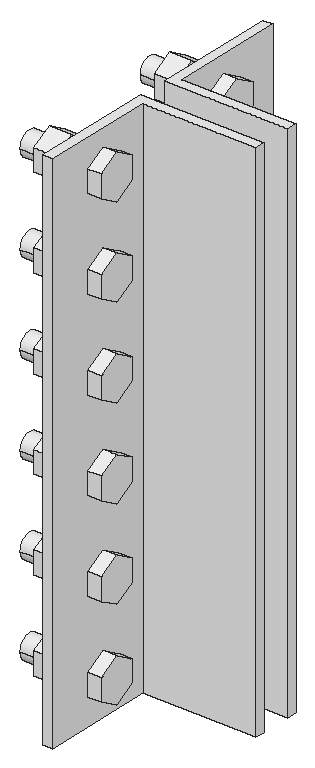
Revit family "M_Conexão de ângulo duplo-Parafuso_Solda", category Conexões estruturais, Revit 2019
Family settings
  Material para o comportamento do modelo = Outros
  Com base no plano de trabalho = Não
  Ativar corte em vistas = Não
  Sempre na vertical = Sim
  Corte com vazios quando carregada = Não
  Compartilhado = Não
Parameters (values of type "L102X102X7.9")
  Weld A Size [instance] = 8 mm
  Espessura da teia [instance] = 25 mm
  Number Of Bolts = 6
  L [instance] = ((Number Of Bolts - 1) * Espaçamento do parafuso) + (2 * lv)  # 439 mm
  Espaçamento do parafuso [instance] = 75 mm
  Bolt Size = M_Parafuso : M20
  lv = 32 mm
  lh = 50 mm
  Angle Size = M_Ângulo em L-Conector : L102X102X7.9
Reference planes
  plane 1 "Centro (Frente/Trás)": y = 0
  plane 2: z = -439
  plane 3 "Centro (Esquerda/Direita)": x = 0
  plane 4 "F": y = -12.5
  plane 5 "R": y = 12.5
  plane 6: z = 0
  plane 7: z = -32
  plane 8: z = -407
  plane 9: y = 62.5
  plane 10: y = -62.5
  plane 11: x = 12.7
Lines and regions (mm)
  model lines, style "Soldar", detail levels medium+fine
    curve 1: line (12.7, -12.5, 0) -> (102, -12.5, 0)
    curve 2: line (102, -12.5, 0) -> (102, -12.5, -439)
    curve 3: line (102, -12.5, -439) -> (12.7, -12.5, -439)
    curve 4: line (12.7, 12.5, 0) -> (102, 12.5, 0)
    curve 5: line (102, 12.5, 0) -> (102, 12.5, -439)
    curve 6: line (102, 12.5, -439) -> (12.7, 12.5, -439)
Dimensions and locks
  "Espessura da teia": plane 5 "R" to plane 4 "F"
  equal spacing: plane 5 "R", plane 1 "Centro (Frente/Trás)", plane 4 "F"
  "L": plane 6 to plane 2
  "lv": plane 6 to plane 7
  "lv": plane 8 to plane 2
  "lh": plane 9 to plane 5 "R"
  "lh": plane 4 "F" to plane 10
  locked: plane 11 to plane 3 "Centro (Esquerda/Direita)" at 12.7
  locked: level to plane 6 at 0
  equal spacing: group 1, group 3, group 4, group 5, group 6, group 2  (x2)
  equal spacing: group 2, group 6, group 5, group 4, group 3, group 1
  equal spacing: group 7, group 9, group 10, group 11, group 12, group 8  (x2)
  equal spacing: group 8, group 12, group 11, group 10, group 9, group 7
  aligned and locked: plane 3 "Centro (Esquerda/Direita)" to nested 1
  aligned and locked: nested 1 to plane 5 "R"
  aligned and locked: nested 2 to plane 4 "F"
  aligned and locked: nested 2 to plane 3 "Centro (Esquerda/Direita)"
  aligned and locked: nested 3 to nested 2
  aligned and locked: nested 3 to plane 7
  aligned and locked: nested 4 to plane 9
  aligned and locked: plane 7 to nested 4
  aligned and locked: plane 10 to nested 3
  aligned and locked: nested 1 to nested 4
  aligned and locked: plane 6 to curve 1
  aligned and locked: curve 2 to nested 1
  aligned and locked: curve 5 to nested 1
  aligned and locked: curve 6 to plane 2
  aligned and locked: plane 6 to curve 4
  aligned and locked: plane 11 to curve 1
  aligned and locked: plane 11 to curve 3
  aligned and locked: plane 11 to curve 6
  aligned and locked: plane 11 to curve 4
  aligned and locked: nested 5 to plane 8
  aligned and locked: nested 5 to plane 9
  aligned and locked: nested 1 to nested 5
  aligned and locked: nested 10 to plane 8
  aligned and locked: plane 10 to nested 10
  aligned and locked: nested 10 to nested 2
  aligned and locked: plane 6 to nested 1
  aligned and locked: nested 2 to plane 6
Automatic sketch dimensions
  curve 3 to plane 2 = 0 mm
Nested families
  nested 1: "M_Ângulo em L-Conector" at (0, 12.5, -439), type <- "Angle Size", L <- "L", type "L102X102X7.9", detail levels medium+fine
    with L 439 mm, t 7.9 mm, d 102 mm, b 102 mm, W 0.119, A 0.002 m²
  nested 2: "M_Ângulo em L-Conector" at (0, -12.5, -439), type <- "Angle Size", L <- "L", type "L102X102X7.9", detail levels medium+fine
    with L 439 mm, t 7.9 mm, d 102 mm, b 102 mm, W 0.119, A 0.002 m²
  nested 3: "M_Parafuso" at (7.9, -62.5, -32) x (0, 1, 0) z (0, 0, 1), type <- "Bolt Size", type "M20", detail levels medium+fine
  nested 4: "M_Parafuso" at (7.9, 62.5, -32) x (0, 1, 0) z (0, 0, 1), type <- "Bolt Size", type "M20", detail levels medium+fine
  nested 5: "M_Parafuso" at (7.9, 62.5, -407) x (0, 1, 0) z (0, 0, 1), type <- "Bolt Size", type "M20", detail levels medium+fine
  nested 6: "M_Parafuso" at (7.9, 62.5, -107) x (0, 1, 0) z (0, 0, 1), type <- "Bolt Size", type "M20", detail levels medium+fine
  nested 7: "M_Parafuso" at (7.9, 62.5, -182) x (0, 1, 0) z (0, 0, 1), type <- "Bolt Size", type "M20", detail levels medium+fine
  nested 8: "M_Parafuso" at (7.9, 62.5, -257) x (0, 1, 0) z (0, 0, 1), type <- "Bolt Size", type "M20", detail levels medium+fine
  nested 9: "M_Parafuso" at (7.9, 62.5, -332) x (0, 1, 0) z (0, 0, 1), type <- "Bolt Size", type "M20", detail levels medium+fine
  nested 10: "M_Parafuso" at (7.9, -62.5, -407) x (0, 1, 0) z (0, 0, 1), type <- "Bolt Size", type "M20", detail levels medium+fine
  nested 11: "M_Parafuso" at (7.9, -62.5, -107) x (0, 1, 0) z (0, 0, 1), type <- "Bolt Size", type "M20", detail levels medium+fine
  nested 12: "M_Parafuso" at (7.9, -62.5, -182) x (0, 1, 0) z (0, 0, 1), type <- "Bolt Size", type "M20", detail levels medium+fine
  nested 13: "M_Parafuso" at (7.9, -62.5, -257) x (0, 1, 0) z (0, 0, 1), type <- "Bolt Size", type "M20", detail levels medium+fine
  nested 14: "M_Parafuso" at (7.9, -62.5, -332) x (0, 1, 0) z (0, 0, 1), type <- "Bolt Size", type "M20", detail levels medium+fine
Definition of nested family "M_Ângulo em L-Conector"
  Parameters
    t = 6.4 mm
    d = 76.2 mm
    b = 76.2 mm
    W = 0.071
    L [instance] = 445 mm
    Assembly Code = ""
    A = 0.001 m²
  Reference planes
    plane 1 "Centro (Frente/Trás)": y = 0
    plane 2: z = 0
    plane 3 "Centro (Esquerda/Direita)": x = 0
    plane 4: z = 445
  Forms (mm)
    Sweep 1, solid
      path origin (0, 0, 0) x (1, 0, 0) y (0, 0, 1)
        loop
          line (0, 445) -> (0, 0)
      profile "Perfil-Ângulo-L-Médio : Perfil-Ângulo-L-Médio" origin (0, 0, 222.5) x (1, 0, 0) y (0, -1, 0)
        loop
          line (0, -76.2) -> (6.4, -76.2) -> (6.4, -6.4) -> (76.2, -6.4) -> (76.2, 0) -> (0, 0) -> (0, -76.2)
  Dimensions and locks
    "L": plane 4 to plane 2
    aligned and locked: plane 4 to Sweep 1 sketch curve
    aligned and locked: Sweep 1 sketch curve to plane 3 "Centro (Esquerda/Direita)"
    aligned and locked: plane 2 to Sweep 1 sketch curve
Definition of nested family "M_Parafuso"
  Parameters
    r = D / 2  # 10 mm
    T = 35 mm
    L = 25.4 mm
    HN = 18.7 mm
    H = 11.9 mm
    F = 31.8 mm
    D = 20 mm
    Assembly Code = ""
  Reference planes
    plane 1 "Centro (Frente/Trás)": y = 0
    plane 2: z = 0
    plane 3 "Centro (Esquerda/Direita)": x = 0
    plane 4: y = 25.4
    plane 5: y = -11.9
    plane 6: y = 44.1
    plane 7: y = 60.4
    plane 8: x = -15.9
    plane 9: x = 15.9
  Forms (mm)
    Extrusion 1, solid
      sketch origin (0, 0, 0) x (1, 0, 0) y (0, 0, 1)
        loop
          circle (0, 0) r 10
      from -60.4 to 0
    Extrusion 2, solid
      sketch origin (0, 0, 0) x (1, 0, 0) y (0, 0, 1)
        loop
          line (-15.9, 9.18) -> (-15.9, -9.18) -> (0, -18.36) -> (15.9, -9.18) -> (15.9, 9.18) -> (0, 18.36) -> (-15.9, 9.18)
      from 0 to 11.9
    Extrusion 3, solid
      sketch origin (107.95, 0, 0) x (1, 0, 0) y (0, 0, 1)
        loop
          line (-123.85, 9.18) -> (-123.85, -9.18) -> (-107.95, -18.36) -> (-92.05, -9.18) -> (-92.05, 9.18) -> (-107.95, 18.36) -> (-123.85, 9.18)
      from -44.1 to -25.4
  Cuts and joins
    joined: Extrusion 1, Extrusion 2, Extrusion 3
  Lines and regions (mm)
    model lines
      curve 1: line (15.9, 0, 0) -> (0, 0, 0)
  Dimensions and locks
    "L": plane 4 to plane 1 "Centro (Frente/Trás)"
    "T": plane 7 to plane 4
    "HN": plane 6 to plane 4
    "H": plane 5 to plane 1 "Centro (Frente/Trás)"
    "F": plane 9 to plane 8
    equal spacing: plane 9, plane 3 "Centro (Esquerda/Direita)", plane 8
    "F": Extrusion 2 sketch curve to Extrusion 2 sketch curve  (x2)
    equal spacing: Extrusion 2 sketch curve, level, Extrusion 2 sketch curve
    "r": radius of Extrusion 1 sketch curve
    locked: Extrusion 2 sketch curve to Extrusion 2 sketch curve (angle 120.00°)  (x2)
    aligned and locked: plane 1 "Centro (Frente/Trás)" to Extrusion 1
    aligned and locked: Extrusion 2 sketch curve to plane 8
    aligned and locked: plane 9 to Extrusion 2 sketch curve
    aligned and locked: Extrusion 2 to plane 1 "Centro (Frente/Trás)"
    aligned and locked: Extrusion 2 to plane 5
    aligned and locked: curve 1 to Extrusion 1
    aligned and locked: Extrusion 2 to curve 1
    aligned and locked: plane 6 to Extrusion 3
    aligned and locked: Extrusion 3 to plane 4
    aligned and locked: Extrusion 3 sketch curve to Extrusion 2  (x4)
    aligned and locked: plane 9 to Extrusion 3 sketch curve
    aligned and locked: Extrusion 3 sketch curve to plane 8
    aligned and locked: plane 7 to Extrusion 1
  Automatic sketch dimensions
    Extrusion 1 sketch curve to level = 0 mm
    Extrusion 1 sketch curve to plane 3 "Centro (Esquerda/Direita)" = 0 mm
    Extrusion 2 sketch curve to plane 3 "Centro (Esquerda/Direita)" = 0 mm  (x2)
    curve 1 to plane 3 "Centro (Esquerda/Direita)" = 0 mm
